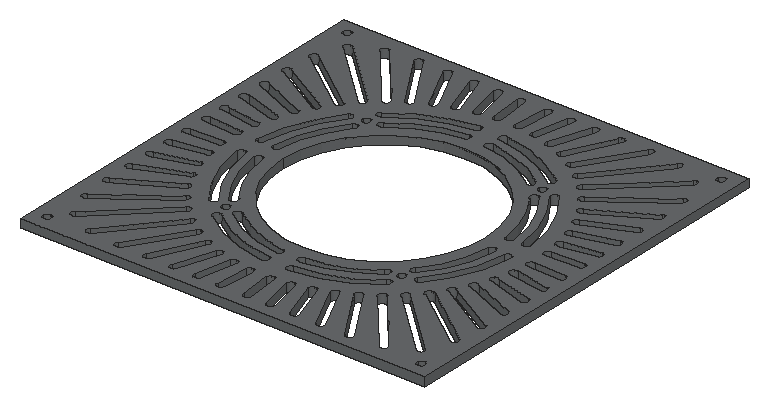
Revit family "Приствольная решётка (квадратная) Р-14", category Антураж, Revit 2017
Family settings
  На основе рабочей плоскости = Нет
  Всегда вертикально = Да
  При загрузке вырезать с полостями = Нет
  Источник визуального образа = Геометрия семейства
  Общий = Нет
  Точка расчета площади = Нет
Parameters (values of type "Приствольная решётка (квадратная) Р-14 1200x1200")
  Стоимость = 26930
  Изготовитель = "ООО \"Хоббика\""
  Высота = 0 mm
  URL = "https://hobbyka.ru/product/pristvolnaya_reshetka_kvadratnaya_r14/?sphrase_id=70610"
  ADSK_Размер_Ширина = 1200 mm
  ADSK_Размер_Длина = 1200 mm
  ADSK_Размер_Высота = 25 mm
  ADSK_Наименование = "Приствольная решётка (квадратная) Р-14"
  ADSK_Материал решетки = Чугун, серый
  ADSK_Код изделия = "10276"
  1200х1200 = yes
  1000х1000 = no
Types (3, lengths in mm): name | Стоимость | ADSK_Размер_Ширина | ADSK_Размер_Длина | 1000х1000
  (no name) | 26930 | 1200 | 1200 | no
  Приствольная решётка (квадратная) Р-14 1000x1000 | 19082 | 1000 | 1000 | yes
  Приствольная решётка (квадратная) Р-14 1200x1200 | 26930 | 1200 | 1200 | no
Reference planes
  plane 1 "По центру (Вперед/Назад)": y = 0
  plane 2: z = 0
  plane 3 "По центру (Влево/Вправо)": x = 0
Forms (mm)
  Extrusion 1, solid, material "Чугун, серый" <- "ADSK_Материал решетки", visible <- "1000х1000"
    sketch origin (0, 0, 0) x (1, 0, 0) y (0, 1, 0)
      loop
        line (500, -500) -> (500, 500) -> (-500, 500) -> (-500, -500) -> (500, -500)
      loop
        circle (0, 0) r 249.945
      loop
        line (22.994, 464.177) -> (15.601, 384.484)
        arc (15.601, 384.484) -> (24.666, 374.044) -> (35.496, 382.638) r 10
        line (35.496, 382.638) -> (42.889, 462.331)
        arc (42.889, 462.331) -> (33.864, 473.201) -> (22.994, 464.177) r 9.99
      loop
        line (79.665, 464.964) -> (61.347, 379.879)
        arc (61.347, 379.879) -> (69.011, 368.009) -> (80.88, 375.673) r 9.99
        line (80.88, 375.673) -> (99.199, 460.758)
        arc (99.199, 460.758) -> (91.535, 472.628) -> (79.665, 464.964) r 9.99
      loop
        line (139.437, 466.326) -> (106.217, 369.85)
        arc (106.217, 369.85) -> (112.411, 357.151) -> (125.11, 363.345) r 9.99
        line (125.11, 363.345) -> (158.329, 459.821)
        arc (158.329, 459.821) -> (152.135, 472.52) -> (139.437, 466.326) r 9.99
      loop
        line (204.089, 467.065) -> (149.571, 354.541)
        arc (149.571, 354.541) -> (154.206, 341.195) -> (167.553, 345.829) r 9.99
        line (167.553, 345.829) -> (222.07, 458.353)
        arc (222.07, 458.353) -> (217.435, 471.7) -> (204.089, 467.065) r 9.99
      loop
        line (276.707, 468.001) -> (190.79, 334.171)
        arc (190.79, 334.171) -> (193.8, 320.367) -> (207.604, 323.377) r 9.99
        line (207.604, 323.377) -> (293.521, 457.206)
        arc (293.521, 457.206) -> (290.511, 471.011) -> (276.707, 468.001) r 9.99
      loop
        line (354.747, 460.958) -> (229.285, 309.03)
        arc (229.285, 309.03) -> (230.627, 294.965) -> (244.692, 296.307) r 9.99
        line (244.692, 296.307) -> (370.154, 448.235)
        arc (370.154, 448.235) -> (368.812, 462.3) -> (354.747, 460.958) r 9.99
      loop
        line (420.228, 427.77) -> (264.506, 279.477)
        arc (264.506, 279.477) -> (264.331, 265.17) -> (278.639, 265.345) r 9.996
        line (278.639, 265.345) -> (434.361, 413.637)
        arc (434.361, 413.637) -> (434.536, 427.944) -> (420.228, 427.77) r 9.996
      loop
        line (449.019, 360.236) -> (295.952, 245.935)
        arc (295.952, 245.935) -> (293.924, 231.952) -> (307.907, 229.925) r 9.99
        line (307.907, 229.925) -> (460.974, 344.226)
        arc (460.974, 344.226) -> (463.001, 358.208) -> (449.019, 360.236) r 9.99
      loop
        line (456.704, 285.665) -> (323.172, 208.881)
        arc (323.172, 208.881) -> (319.491, 195.24) -> (333.132, 191.559) r 9.99
        line (333.132, 191.559) -> (466.664, 268.344)
        arc (466.664, 268.344) -> (470.345, 281.985) -> (456.704, 285.665) r 9.99
      loop
        line (458.07, 216.626) -> (345.778, 168.845)
        arc (345.778, 168.845) -> (340.497, 155.74) -> (353.601, 150.459) r 9.99
        line (353.601, 150.459) -> (465.893, 198.24)
        arc (465.893, 198.24) -> (471.175, 211.345) -> (458.07, 216.626) r 9.99
      loop
        line (459.511, 154.307) -> (363.448, 126.399)
        arc (363.448, 126.399) -> (356.642, 114.018) -> (369.023, 107.211) r 9.99
        line (369.023, 107.211) -> (465.086, 135.12)
        arc (465.086, 135.12) -> (471.892, 147.501) -> (459.511, 154.307) r 9.99
      loop
        line (460.821, 96.125) -> (375.929, 82.148)
        arc (375.929, 82.148) -> (367.695, 70.667) -> (379.176, 62.432) r 9.99
        line (379.176, 62.432) -> (464.067, 76.41)
        arc (464.067, 76.41) -> (472.302, 87.891) -> (460.821, 96.125) r 9.99
      loop
        line (463.002, 40.215) -> (383.044, 36.724)
        arc (383.044, 36.724) -> (374.028, 26.076) -> (384.437, 16.785) r 9.997
        line (384.437, 16.785) -> (464.182, 20.267)
        arc (464.182, 20.267) -> (472.577, 30.772) -> (463.002, 40.215) r 10.046
      loop
        arc (278.433, 27.402) -> (289.358, 18.422) -> (298.339, 29.347) r 10
        arc (298.339, 29.347) -> (276.988, 114.727) -> (231.714, 190.199) r 299.134
        arc (231.714, 190.199) -> (216.613, 190.602) -> (218.344, 175.595) r 10
        arc (218.344, 175.595) -> (259.126, 105.853) -> (278.433, 27.402) r 281.667
      loop
        arc (338.311, 31.582) -> (314.266, 129.263) -> (262.621, 215.591) r 339.096
        arc (262.621, 215.591) -> (249.394, 217.87) -> (245.209, 205.116) r 10.27
        arc (245.209, 205.116) -> (294.968, 122.866) -> (318.405, 29.637) r 324.018
        arc (318.405, 29.637) -> (329.331, 20.657) -> (338.311, 31.582) r 10
      loop
        arc (175.657, 218.258) -> (191.658, 217.729) -> (187.659, 233.232) r 10
        arc (187.659, 233.232) -> (113.305, 277.447) -> (29.358, 298.338) r 296.729
        arc (29.358, 298.338) -> (18.431, 289.36) -> (27.408, 278.433) r 10
        arc (27.408, 278.433) -> (105.818, 258.902) -> (175.657, 218.258) r 286.557
      loop
        arc (216.89, 261.554) -> (130.817, 313.622) -> (33.256, 338.147) r 339.096
        arc (33.256, 338.147) -> (22.326, 330.543) -> (28.088, 318.54) r 10.27
        arc (28.088, 318.54) -> (121.645, 295.773) -> (204.151, 246.135) r 319.096
        arc (204.151, 246.135) -> (218.249, 247.459) -> (216.89, 261.554) r 10
      loop
        circle (217.533, 217.266) r 10
      loop
        circle (462.577, 463.724) r 10
      loop
        arc (-22.994, 464.177) -> (-33.864, 473.201) -> (-42.889, 462.331) r 9.99
        line (-42.889, 462.331) -> (-35.496, 382.638)
        arc (-35.496, 382.638) -> (-24.666, 374.044) -> (-15.601, 384.484) r 10
        line (-15.601, 384.484) -> (-22.994, 464.177)
      loop
        arc (-79.665, 464.964) -> (-91.535, 472.628) -> (-99.199, 460.758) r 9.99
        line (-99.199, 460.758) -> (-80.88, 375.673)
        arc (-80.88, 375.673) -> (-69.011, 368.009) -> (-61.347, 379.879) r 9.99
        line (-61.347, 379.879) -> (-79.665, 464.964)
      loop
        arc (-139.437, 466.326) -> (-152.135, 472.52) -> (-158.329, 459.821) r 9.99
        line (-158.329, 459.821) -> (-125.11, 363.345)
        arc (-125.11, 363.345) -> (-112.411, 357.151) -> (-106.217, 369.85) r 9.99
        line (-106.217, 369.85) -> (-139.437, 466.326)
      loop
        arc (-204.089, 467.065) -> (-217.435, 471.7) -> (-222.07, 458.353) r 9.99
        line (-222.07, 458.353) -> (-167.553, 345.829)
        arc (-167.553, 345.829) -> (-154.206, 341.195) -> (-149.571, 354.541) r 9.99
        line (-149.571, 354.541) -> (-204.089, 467.065)
      loop
        arc (-276.707, 468.001) -> (-290.511, 471.011) -> (-293.521, 457.206) r 9.99
        line (-293.521, 457.206) -> (-207.604, 323.377)
        arc (-207.604, 323.377) -> (-193.8, 320.367) -> (-190.79, 334.171) r 9.99
        line (-190.79, 334.171) -> (-276.707, 468.001)
      loop
        arc (-354.747, 460.958) -> (-368.812, 462.3) -> (-370.154, 448.235) r 9.99
        line (-370.154, 448.235) -> (-244.692, 296.307)
        arc (-244.692, 296.307) -> (-230.627, 294.965) -> (-229.285, 309.03) r 9.99
        line (-229.285, 309.03) -> (-354.747, 460.958)
      loop
        arc (-420.228, 427.77) -> (-434.536, 427.944) -> (-434.361, 413.637) r 9.996
        line (-434.361, 413.637) -> (-278.639, 265.345)
        arc (-278.639, 265.345) -> (-264.331, 265.17) -> (-264.506, 279.477) r 9.996
        line (-264.506, 279.477) -> (-420.228, 427.77)
      loop
        arc (-449.019, 360.236) -> (-463.001, 358.208) -> (-460.974, 344.226) r 9.99
        line (-460.974, 344.226) -> (-307.907, 229.925)
        arc (-307.907, 229.925) -> (-293.924, 231.952) -> (-295.952, 245.935) r 9.99
        line (-295.952, 245.935) -> (-449.019, 360.236)
      loop
        arc (-456.704, 285.665) -> (-470.345, 281.985) -> (-466.664, 268.344) r 9.99
        line (-466.664, 268.344) -> (-333.132, 191.559)
        arc (-333.132, 191.559) -> (-319.491, 195.24) -> (-323.172, 208.881) r 9.99
        line (-323.172, 208.881) -> (-456.704, 285.665)
      loop
        arc (-458.07, 216.626) -> (-471.175, 211.345) -> (-465.893, 198.24) r 9.99
        line (-465.893, 198.24) -> (-353.601, 150.459)
        arc (-353.601, 150.459) -> (-340.497, 155.74) -> (-345.778, 168.845) r 9.99
        line (-345.778, 168.845) -> (-458.07, 216.626)
      loop
        arc (-459.511, 154.307) -> (-471.892, 147.501) -> (-465.086, 135.12) r 9.99
        line (-465.086, 135.12) -> (-369.023, 107.211)
        arc (-369.023, 107.211) -> (-356.642, 114.018) -> (-363.448, 126.399) r 9.99
        line (-363.448, 126.399) -> (-459.511, 154.307)
      loop
        arc (-460.821, 96.125) -> (-472.302, 87.891) -> (-464.067, 76.41) r 9.99
        line (-464.067, 76.41) -> (-379.176, 62.432)
        arc (-379.176, 62.432) -> (-367.695, 70.667) -> (-375.929, 82.148) r 9.99
        line (-375.929, 82.148) -> (-460.821, 96.125)
      loop
        arc (-463.002, 40.215) -> (-472.577, 30.772) -> (-464.182, 20.267) r 10.046
        line (-464.182, 20.267) -> (-384.437, 16.785)
        arc (-384.437, 16.785) -> (-374.028, 26.076) -> (-383.044, 36.724) r 9.997
        line (-383.044, 36.724) -> (-463.002, 40.215)
      loop
        arc (-278.433, 27.402) -> (-259.126, 105.853) -> (-218.344, 175.595) r 281.667
        arc (-218.344, 175.595) -> (-216.613, 190.602) -> (-231.714, 190.199) r 10
        arc (-231.714, 190.199) -> (-276.988, 114.727) -> (-298.339, 29.347) r 299.134
        arc (-298.339, 29.347) -> (-289.358, 18.422) -> (-278.433, 27.402) r 10
      loop
        arc (-338.311, 31.582) -> (-329.331, 20.657) -> (-318.405, 29.637) r 10
        arc (-318.405, 29.637) -> (-294.968, 122.866) -> (-245.209, 205.116) r 324.018
        arc (-245.209, 205.116) -> (-249.394, 217.87) -> (-262.621, 215.591) r 10.27
        arc (-262.621, 215.591) -> (-314.266, 129.263) -> (-338.311, 31.582) r 339.096
      loop
        arc (-175.657, 218.258) -> (-105.818, 258.902) -> (-27.408, 278.433) r 286.557
        arc (-27.408, 278.433) -> (-18.431, 289.36) -> (-29.358, 298.338) r 10
        arc (-29.358, 298.338) -> (-113.305, 277.447) -> (-187.659, 233.232) r 296.729
        arc (-187.659, 233.232) -> (-191.658, 217.729) -> (-175.657, 218.258) r 10
      loop
        arc (-216.89, 261.554) -> (-218.249, 247.459) -> (-204.151, 246.135) r 10
        arc (-204.151, 246.135) -> (-121.645, 295.773) -> (-28.088, 318.54) r 319.096
        arc (-28.088, 318.54) -> (-22.326, 330.543) -> (-33.256, 338.147) r 10.27
        arc (-33.256, 338.147) -> (-130.817, 313.622) -> (-216.89, 261.554) r 339.096
      loop
        circle (-217.533, 217.266) r 10
      loop
        circle (-462.577, 463.724) r 10
      loop
        arc (22.994, -464.177) -> (33.864, -473.201) -> (42.889, -462.331) r 9.99
        line (42.889, -462.331) -> (35.496, -382.638)
        arc (35.496, -382.638) -> (24.666, -374.044) -> (15.601, -384.484) r 10
        line (15.601, -384.484) -> (22.994, -464.177)
      loop
        arc (79.665, -464.964) -> (91.535, -472.628) -> (99.199, -460.758) r 9.99
        line (99.199, -460.758) -> (80.88, -375.673)
        arc (80.88, -375.673) -> (69.011, -368.009) -> (61.347, -379.879) r 9.99
        line (61.347, -379.879) -> (79.665, -464.964)
      loop
        arc (139.437, -466.326) -> (152.135, -472.52) -> (158.329, -459.821) r 9.99
        line (158.329, -459.821) -> (125.11, -363.345)
        arc (125.11, -363.345) -> (112.411, -357.151) -> (106.217, -369.85) r 9.99
        line (106.217, -369.85) -> (139.437, -466.326)
      loop
        arc (204.089, -467.065) -> (217.435, -471.7) -> (222.07, -458.353) r 9.99
        line (222.07, -458.353) -> (167.553, -345.829)
        arc (167.553, -345.829) -> (154.206, -341.195) -> (149.571, -354.541) r 9.99
        line (149.571, -354.541) -> (204.089, -467.065)
      loop
        arc (276.707, -468.001) -> (290.511, -471.011) -> (293.521, -457.206) r 9.99
        line (293.521, -457.206) -> (207.604, -323.377)
        arc (207.604, -323.377) -> (193.8, -320.367) -> (190.79, -334.171) r 9.99
        line (190.79, -334.171) -> (276.707, -468.001)
      loop
        arc (354.747, -460.958) -> (368.812, -462.3) -> (370.154, -448.235) r 9.99
        line (370.154, -448.235) -> (244.692, -296.307)
        arc (244.692, -296.307) -> (230.627, -294.965) -> (229.285, -309.03) r 9.99
        line (229.285, -309.03) -> (354.747, -460.958)
      loop
        arc (420.228, -427.77) -> (434.536, -427.944) -> (434.361, -413.637) r 9.996
        line (434.361, -413.637) -> (278.639, -265.345)
        arc (278.639, -265.345) -> (264.331, -265.17) -> (264.506, -279.477) r 9.996
        line (264.506, -279.477) -> (420.228, -427.77)
      loop
        arc (449.019, -360.236) -> (463.001, -358.208) -> (460.974, -344.226) r 9.99
        line (460.974, -344.226) -> (307.907, -229.925)
        arc (307.907, -229.925) -> (293.924, -231.952) -> (295.952, -245.935) r 9.99
        line (295.952, -245.935) -> (449.019, -360.236)
      loop
        arc (456.704, -285.665) -> (470.345, -281.985) -> (466.664, -268.344) r 9.99
        line (466.664, -268.344) -> (333.132, -191.559)
        arc (333.132, -191.559) -> (319.491, -195.24) -> (323.172, -208.881) r 9.99
        line (323.172, -208.881) -> (456.704, -285.665)
      loop
        arc (458.07, -216.626) -> (471.175, -211.345) -> (465.893, -198.24) r 9.99
        line (465.893, -198.24) -> (353.601, -150.459)
        arc (353.601, -150.459) -> (340.497, -155.74) -> (345.778, -168.845) r 9.99
        line (345.778, -168.845) -> (458.07, -216.626)
      loop
        arc (459.511, -154.307) -> (471.892, -147.501) -> (465.086, -135.12) r 9.99
        line (465.086, -135.12) -> (369.023, -107.211)
        arc (369.023, -107.211) -> (356.642, -114.018) -> (363.448, -126.399) r 9.99
        line (363.448, -126.399) -> (459.511, -154.307)
      loop
        arc (460.821, -96.125) -> (472.302, -87.891) -> (464.067, -76.41) r 9.99
        line (464.067, -76.41) -> (379.176, -62.432)
        arc (379.176, -62.432) -> (367.695, -70.667) -> (375.929, -82.148) r 9.99
        line (375.929, -82.148) -> (460.821, -96.125)
      loop
        arc (463.002, -40.215) -> (472.577, -30.772) -> (464.182, -20.267) r 10.046
        line (464.182, -20.267) -> (384.437, -16.785)
        arc (384.437, -16.785) -> (374.028, -26.076) -> (383.044, -36.724) r 9.997
        line (383.044, -36.724) -> (463.002, -40.215)
      loop
        arc (278.433, -27.402) -> (259.126, -105.853) -> (218.344, -175.595) r 281.667
        arc (218.344, -175.595) -> (216.613, -190.602) -> (231.714, -190.199) r 10
        arc (231.714, -190.199) -> (276.988, -114.727) -> (298.339, -29.347) r 299.134
        arc (298.339, -29.347) -> (289.358, -18.422) -> (278.433, -27.402) r 10
      loop
        arc (338.311, -31.582) -> (329.331, -20.657) -> (318.405, -29.637) r 10
        arc (318.405, -29.637) -> (294.968, -122.866) -> (245.209, -205.116) r 324.018
        arc (245.209, -205.116) -> (249.394, -217.87) -> (262.621, -215.591) r 10.27
        arc (262.621, -215.591) -> (314.266, -129.263) -> (338.311, -31.582) r 339.096
      loop
        arc (175.657, -218.258) -> (105.818, -258.902) -> (27.408, -278.433) r 286.557
        arc (27.408, -278.433) -> (18.431, -289.36) -> (29.358, -298.338) r 10
        arc (29.358, -298.338) -> (113.305, -277.447) -> (187.659, -233.232) r 296.729
        arc (187.659, -233.232) -> (191.658, -217.729) -> (175.657, -218.258) r 10
      loop
        arc (216.89, -261.554) -> (218.249, -247.459) -> (204.151, -246.135) r 10
        arc (204.151, -246.135) -> (121.645, -295.773) -> (28.088, -318.54) r 319.096
        arc (28.088, -318.54) -> (22.326, -330.543) -> (33.256, -338.147) r 10.27
        arc (33.256, -338.147) -> (130.817, -313.622) -> (216.89, -261.554) r 339.096
      loop
        circle (217.533, -217.266) r 10
      loop
        circle (462.577, -463.724) r 10
      loop
        line (-22.994, -464.177) -> (-15.601, -384.484)
        arc (-15.601, -384.484) -> (-24.666, -374.044) -> (-35.496, -382.638) r 10
        line (-35.496, -382.638) -> (-42.889, -462.331)
        arc (-42.889, -462.331) -> (-33.864, -473.201) -> (-22.994, -464.177) r 9.99
      loop
        line (-79.665, -464.964) -> (-61.347, -379.879)
        arc (-61.347, -379.879) -> (-69.011, -368.009) -> (-80.88, -375.673) r 9.99
        line (-80.88, -375.673) -> (-99.199, -460.758)
        arc (-99.199, -460.758) -> (-91.535, -472.628) -> (-79.665, -464.964) r 9.99
      loop
        line (-139.437, -466.326) -> (-106.217, -369.85)
        arc (-106.217, -369.85) -> (-112.411, -357.151) -> (-125.11, -363.345) r 9.99
        line (-125.11, -363.345) -> (-158.329, -459.821)
        arc (-158.329, -459.821) -> (-152.135, -472.52) -> (-139.437, -466.326) r 9.99
      loop
        line (-204.089, -467.065) -> (-149.571, -354.541)
        arc (-149.571, -354.541) -> (-154.206, -341.195) -> (-167.553, -345.829) r 9.99
        line (-167.553, -345.829) -> (-222.07, -458.353)
        arc (-222.07, -458.353) -> (-217.435, -471.7) -> (-204.089, -467.065) r 9.99
      loop
        line (-276.707, -468.001) -> (-190.79, -334.171)
        arc (-190.79, -334.171) -> (-193.8, -320.367) -> (-207.604, -323.377) r 9.99
        line (-207.604, -323.377) -> (-293.521, -457.206)
        arc (-293.521, -457.206) -> (-290.511, -471.011) -> (-276.707, -468.001) r 9.99
      loop
        line (-354.747, -460.958) -> (-229.285, -309.03)
        arc (-229.285, -309.03) -> (-230.627, -294.965) -> (-244.692, -296.307) r 9.99
        line (-244.692, -296.307) -> (-370.154, -448.235)
        arc (-370.154, -448.235) -> (-368.812, -462.3) -> (-354.747, -460.958) r 9.99
      loop
        line (-420.228, -427.77) -> (-264.506, -279.477)
        arc (-264.506, -279.477) -> (-264.331, -265.17) -> (-278.639, -265.345) r 9.996
        line (-278.639, -265.345) -> (-434.361, -413.637)
        arc (-434.361, -413.637) -> (-434.536, -427.944) -> (-420.228, -427.77) r 9.996
      loop
        line (-449.019, -360.236) -> (-295.952, -245.935)
        arc (-295.952, -245.935) -> (-293.924, -231.952) -> (-307.907, -229.925) r 9.99
        line (-307.907, -229.925) -> (-460.974, -344.226)
        arc (-460.974, -344.226) -> (-463.001, -358.208) -> (-449.019, -360.236) r 9.99
      loop
        line (-456.704, -285.665) -> (-323.172, -208.881)
        arc (-323.172, -208.881) -> (-319.491, -195.24) -> (-333.132, -191.559) r 9.99
        line (-333.132, -191.559) -> (-466.664, -268.344)
        arc (-466.664, -268.344) -> (-470.345, -281.985) -> (-456.704, -285.665) r 9.99
      loop
        line (-458.07, -216.626) -> (-345.778, -168.845)
        arc (-345.778, -168.845) -> (-340.497, -155.74) -> (-353.601, -150.459) r 9.99
        line (-353.601, -150.459) -> (-465.893, -198.24)
        arc (-465.893, -198.24) -> (-471.175, -211.345) -> (-458.07, -216.626) r 9.99
      loop
        line (-459.511, -154.307) -> (-363.448, -126.399)
        arc (-363.448, -126.399) -> (-356.642, -114.018) -> (-369.023, -107.211) r 9.99
        line (-369.023, -107.211) -> (-465.086, -135.12)
        arc (-465.086, -135.12) -> (-471.892, -147.501) -> (-459.511, -154.307) r 9.99
      loop
        line (-460.821, -96.125) -> (-375.929, -82.148)
        arc (-375.929, -82.148) -> (-367.695, -70.667) -> (-379.176, -62.432) r 9.99
        line (-379.176, -62.432) -> (-464.067, -76.41)
        arc (-464.067, -76.41) -> (-472.302, -87.891) -> (-460.821, -96.125) r 9.99
      loop
        line (-463.002, -40.215) -> (-383.044, -36.724)
        arc (-383.044, -36.724) -> (-374.028, -26.076) -> (-384.437, -16.785) r 9.997
        line (-384.437, -16.785) -> (-464.182, -20.267)
        arc (-464.182, -20.267) -> (-472.577, -30.772) -> (-463.002, -40.215) r 10.046
      loop
        arc (-278.433, -27.402) -> (-289.358, -18.422) -> (-298.339, -29.347) r 10
        arc (-298.339, -29.347) -> (-276.988, -114.727) -> (-231.714, -190.199) r 299.134
        arc (-231.714, -190.199) -> (-216.613, -190.602) -> (-218.344, -175.595) r 10
        arc (-218.344, -175.595) -> (-259.126, -105.853) -> (-278.433, -27.402) r 281.667
      loop
        arc (-338.311, -31.582) -> (-314.266, -129.263) -> (-262.621, -215.591) r 339.096
        arc (-262.621, -215.591) -> (-249.394, -217.87) -> (-245.209, -205.116) r 10.27
        arc (-245.209, -205.116) -> (-294.968, -122.866) -> (-318.405, -29.637) r 324.018
        arc (-318.405, -29.637) -> (-329.331, -20.657) -> (-338.311, -31.582) r 10
      loop
        arc (-175.657, -218.258) -> (-191.658, -217.729) -> (-187.659, -233.232) r 10
        arc (-187.659, -233.232) -> (-113.305, -277.447) -> (-29.358, -298.338) r 296.729
        arc (-29.358, -298.338) -> (-18.431, -289.36) -> (-27.408, -278.433) r 10
        arc (-27.408, -278.433) -> (-105.818, -258.902) -> (-175.657, -218.258) r 286.557
      loop
        arc (-216.89, -261.554) -> (-130.817, -313.622) -> (-33.256, -338.147) r 339.096
        arc (-33.256, -338.147) -> (-22.326, -330.543) -> (-28.088, -318.54) r 10.27
        arc (-28.088, -318.54) -> (-121.645, -295.773) -> (-204.151, -246.135) r 319.096
        arc (-204.151, -246.135) -> (-218.249, -247.459) -> (-216.89, -261.554) r 10
      loop
        circle (-217.533, -217.266) r 10
      loop
        circle (-462.577, -463.724) r 10
    from 0 to 25
  Extrusion 2, solid, material "Чугун, серый" <- "ADSK_Материал решетки", visible <- "1200х1200"
    sketch origin (-100, -100, 0) x (1, 0, 0) y (0, 1, 0)
      loop
        line (700, -500) -> (700, 700) -> (-500, 700) -> (-500, -500) -> (700, -500)
      loop
        circle (100, 100) r 299.934
      loop
        line (127.592, 657.012) -> (118.721, 561.381)
        arc (118.721, 561.381) -> (129.599, 548.853) -> (142.596, 559.166) r 12
        line (142.596, 559.166) -> (151.467, 654.797)
        arc (151.467, 654.797) -> (140.637, 667.842) -> (127.592, 657.012) r 11.989
      loop
        line (195.598, 657.957) -> (173.616, 555.854)
        arc (173.616, 555.854) -> (182.813, 541.611) -> (197.056, 550.808) r 11.989
        line (197.056, 550.808) -> (219.038, 652.91)
        arc (219.038, 652.91) -> (209.842, 667.153) -> (195.598, 657.957) r 11.989
      loop
        line (267.324, 659.591) -> (227.461, 543.82)
        arc (227.461, 543.82) -> (234.893, 528.582) -> (250.132, 536.014) r 11.989
        line (250.132, 536.014) -> (289.995, 651.785)
        arc (289.995, 651.785) -> (282.562, 667.023) -> (267.324, 659.591) r 11.989
      loop
        line (344.906, 660.478) -> (279.486, 525.45)
        arc (279.486, 525.45) -> (285.047, 509.434) -> (301.064, 514.995) r 11.989
        line (301.064, 514.995) -> (366.484, 650.024)
        arc (366.484, 650.024) -> (360.922, 666.04) -> (344.906, 660.478) r 11.989
      loop
        line (432.048, 661.601) -> (328.948, 501.005)
        arc (328.948, 501.005) -> (332.56, 484.44) -> (349.125, 488.052) r 11.989
        line (349.125, 488.052) -> (452.225, 648.647)
        arc (452.225, 648.647) -> (448.614, 665.213) -> (432.048, 661.601) r 11.989
      loop
        line (525.696, 653.149) -> (375.142, 470.836)
        arc (375.142, 470.836) -> (376.752, 453.959) -> (393.63, 455.569) r 11.989
        line (393.63, 455.569) -> (544.184, 637.882)
        arc (544.184, 637.882) -> (542.574, 654.76) -> (525.696, 653.149) r 11.989
      loop
        line (604.274, 613.324) -> (417.408, 435.373)
        arc (417.408, 435.373) -> (417.198, 418.204) -> (434.367, 418.413) r 11.996
        line (434.367, 418.413) -> (621.234, 596.364)
        arc (621.234, 596.364) -> (621.443, 613.533) -> (604.274, 613.324) r 11.996
      loop
        line (638.823, 532.283) -> (455.142, 395.122)
        arc (455.142, 395.122) -> (452.709, 378.343) -> (469.488, 375.91) r 11.989
        line (469.488, 375.91) -> (653.169, 513.071)
        arc (653.169, 513.071) -> (655.602, 529.85) -> (638.823, 532.283) r 11.989
      loop
        line (648.045, 442.798) -> (487.806, 350.657)
        arc (487.806, 350.657) -> (483.389, 334.288) -> (499.758, 329.871) r 11.989
        line (499.758, 329.871) -> (659.997, 422.013)
        arc (659.997, 422.013) -> (664.414, 438.382) -> (648.045, 442.798) r 11.989
      loop
        line (649.684, 359.951) -> (514.934, 302.614)
        arc (514.934, 302.614) -> (508.596, 286.889) -> (524.322, 280.551) r 11.989
        line (524.322, 280.551) -> (659.072, 337.888)
        arc (659.072, 337.888) -> (665.41, 353.613) -> (649.684, 359.951) r 11.989
      loop
        line (651.413, 285.169) -> (536.138, 251.678)
        arc (536.138, 251.678) -> (527.97, 236.821) -> (542.827, 228.653) r 11.989
        line (542.827, 228.653) -> (658.103, 262.144)
        arc (658.103, 262.144) -> (666.27, 277.001) -> (651.413, 285.169) r 11.989
      loop
        line (652.986, 215.35) -> (551.115, 198.577)
        arc (551.115, 198.577) -> (541.234, 184.8) -> (555.011, 174.919) r 11.989
        line (555.011, 174.919) -> (656.881, 191.692)
        arc (656.881, 191.692) -> (666.763, 205.469) -> (652.986, 215.35) r 11.989
      loop
        line (655.603, 148.258) -> (559.653, 144.069)
        arc (559.653, 144.069) -> (548.834, 131.291) -> (561.325, 120.142) r 11.997
        line (561.325, 120.142) -> (657.019, 124.32)
        arc (657.019, 124.32) -> (667.092, 136.927) -> (655.603, 148.258) r 12.056
      loop
        arc (434.12, 132.883) -> (447.23, 122.107) -> (458.006, 135.217) r 12
        arc (458.006, 135.217) -> (432.385, 237.673) -> (378.057, 328.239) r 358.961
        arc (378.057, 328.239) -> (359.936, 328.722) -> (362.013, 310.714) r 12
        arc (362.013, 310.714) -> (410.951, 227.023) -> (434.12, 132.883) r 338.001
      loop
        arc (505.973, 137.898) -> (477.119, 255.115) -> (415.146, 358.709) r 406.916
        arc (415.146, 358.709) -> (399.272, 361.444) -> (394.251, 346.139) r 12.324
        arc (394.251, 346.139) -> (453.962, 247.439) -> (482.087, 135.564) r 388.822
        arc (482.087, 135.564) -> (495.197, 124.788) -> (505.973, 137.898) r 12
      loop
        arc (310.788, 361.91) -> (329.99, 361.275) -> (325.191, 379.878) r 12
        arc (325.191, 379.878) -> (235.966, 432.936) -> (135.229, 458.005) r 356.075
        arc (135.229, 458.005) -> (122.117, 447.232) -> (132.89, 434.119) r 12
        arc (132.89, 434.119) -> (226.981, 410.682) -> (310.788, 361.91) r 343.868
      loop
        arc (360.268, 413.864) -> (256.98, 476.346) -> (139.907, 505.777) r 406.916
        arc (139.907, 505.777) -> (126.792, 496.652) -> (133.705, 482.248) r 12.324
        arc (133.705, 482.248) -> (245.974, 454.928) -> (344.981, 395.363) r 382.916
        arc (344.981, 395.363) -> (361.899, 396.951) -> (360.268, 413.864) r 12
      loop
        circle (361.04, 360.719) r 12
      loop
        circle (655.092, 656.469) r 12
      loop
        arc (72.408, 657.012) -> (59.363, 667.842) -> (48.533, 654.797) r 11.989
        line (48.533, 654.797) -> (57.404, 559.166)
        arc (57.404, 559.166) -> (70.401, 548.853) -> (81.279, 561.381) r 12
        line (81.279, 561.381) -> (72.408, 657.012)
      loop
        arc (4.402, 657.957) -> (-9.842, 667.153) -> (-19.038, 652.91) r 11.989
        line (-19.038, 652.91) -> (2.944, 550.808)
        arc (2.944, 550.808) -> (17.187, 541.611) -> (26.384, 555.854) r 11.989
        line (26.384, 555.854) -> (4.402, 657.957)
      loop
        arc (-67.324, 659.591) -> (-82.562, 667.023) -> (-89.995, 651.785) r 11.989
        line (-89.995, 651.785) -> (-50.132, 536.014)
        arc (-50.132, 536.014) -> (-34.893, 528.582) -> (-27.461, 543.82) r 11.989
        line (-27.461, 543.82) -> (-67.324, 659.591)
      loop
        arc (-144.906, 660.478) -> (-160.922, 666.04) -> (-166.484, 650.024) r 11.989
        line (-166.484, 650.024) -> (-101.064, 514.995)
        arc (-101.064, 514.995) -> (-85.047, 509.434) -> (-79.486, 525.45) r 11.989
        line (-79.486, 525.45) -> (-144.906, 660.478)
      loop
        arc (-232.048, 661.601) -> (-248.614, 665.213) -> (-252.225, 648.647) r 11.989
        line (-252.225, 648.647) -> (-149.125, 488.052)
        arc (-149.125, 488.052) -> (-132.56, 484.44) -> (-128.948, 501.005) r 11.989
        line (-128.948, 501.005) -> (-232.048, 661.601)
      loop
        arc (-325.696, 653.149) -> (-342.574, 654.76) -> (-344.184, 637.882) r 11.989
        line (-344.184, 637.882) -> (-193.63, 455.569)
        arc (-193.63, 455.569) -> (-176.752, 453.959) -> (-175.142, 470.836) r 11.989
        line (-175.142, 470.836) -> (-325.696, 653.149)
      loop
        arc (-404.274, 613.324) -> (-421.443, 613.533) -> (-421.234, 596.364) r 11.996
        line (-421.234, 596.364) -> (-234.367, 418.413)
        arc (-234.367, 418.413) -> (-217.198, 418.204) -> (-217.408, 435.373) r 11.996
        line (-217.408, 435.373) -> (-404.274, 613.324)
      loop
        arc (-438.823, 532.283) -> (-455.602, 529.85) -> (-453.169, 513.071) r 11.989
        line (-453.169, 513.071) -> (-269.488, 375.91)
        arc (-269.488, 375.91) -> (-252.709, 378.343) -> (-255.142, 395.122) r 11.989
        line (-255.142, 395.122) -> (-438.823, 532.283)
      loop
        arc (-448.045, 442.798) -> (-464.414, 438.382) -> (-459.997, 422.013) r 11.989
        line (-459.997, 422.013) -> (-299.758, 329.871)
        arc (-299.758, 329.871) -> (-283.389, 334.288) -> (-287.806, 350.657) r 11.989
        line (-287.806, 350.657) -> (-448.045, 442.798)
      loop
        arc (-449.684, 359.951) -> (-465.41, 353.613) -> (-459.072, 337.888) r 11.989
        line (-459.072, 337.888) -> (-324.322, 280.551)
        arc (-324.322, 280.551) -> (-308.596, 286.889) -> (-314.934, 302.614) r 11.989
        line (-314.934, 302.614) -> (-449.684, 359.951)
      loop
        arc (-451.413, 285.169) -> (-466.27, 277.001) -> (-458.103, 262.144) r 11.989
        line (-458.103, 262.144) -> (-342.827, 228.653)
        arc (-342.827, 228.653) -> (-327.97, 236.821) -> (-336.138, 251.678) r 11.989
        line (-336.138, 251.678) -> (-451.413, 285.169)
      loop
        arc (-452.986, 215.35) -> (-466.763, 205.469) -> (-456.881, 191.692) r 11.989
        line (-456.881, 191.692) -> (-355.011, 174.919)
        arc (-355.011, 174.919) -> (-341.234, 184.8) -> (-351.115, 198.577) r 11.989
        line (-351.115, 198.577) -> (-452.986, 215.35)
      loop
        arc (-455.603, 148.258) -> (-467.092, 136.927) -> (-457.019, 124.32) r 12.056
        line (-457.019, 124.32) -> (-361.325, 120.142)
        arc (-361.325, 120.142) -> (-348.834, 131.291) -> (-359.653, 144.069) r 11.997
        line (-359.653, 144.069) -> (-455.603, 148.258)
      loop
        arc (-234.12, 132.883) -> (-210.951, 227.023) -> (-162.013, 310.714) r 338.001
        arc (-162.013, 310.714) -> (-159.936, 328.722) -> (-178.057, 328.239) r 12
        arc (-178.057, 328.239) -> (-232.385, 237.673) -> (-258.006, 135.217) r 358.961
        arc (-258.006, 135.217) -> (-247.23, 122.107) -> (-234.12, 132.883) r 12
      loop
        arc (-305.973, 137.898) -> (-295.197, 124.788) -> (-282.087, 135.564) r 12
        arc (-282.087, 135.564) -> (-253.962, 247.439) -> (-194.251, 346.139) r 388.822
        arc (-194.251, 346.139) -> (-199.272, 361.444) -> (-215.146, 358.709) r 12.324
        arc (-215.146, 358.709) -> (-277.119, 255.115) -> (-305.973, 137.898) r 406.916
      loop
        arc (-110.788, 361.91) -> (-26.981, 410.682) -> (67.11, 434.119) r 343.868
        arc (67.11, 434.119) -> (77.883, 447.232) -> (64.771, 458.005) r 12
        arc (64.771, 458.005) -> (-35.966, 432.936) -> (-125.191, 379.878) r 356.075
        arc (-125.191, 379.878) -> (-129.99, 361.275) -> (-110.788, 361.91) r 12
      loop
        arc (-160.268, 413.864) -> (-161.899, 396.951) -> (-144.981, 395.363) r 12
        arc (-144.981, 395.363) -> (-45.974, 454.928) -> (66.295, 482.248) r 382.916
        arc (66.295, 482.248) -> (73.208, 496.652) -> (60.093, 505.777) r 12.324
        arc (60.093, 505.777) -> (-56.98, 476.346) -> (-160.268, 413.864) r 406.916
      loop
        circle (-161.04, 360.719) r 12
      loop
        circle (-455.092, 656.469) r 12
      loop
        arc (127.592, -457.012) -> (140.637, -467.842) -> (151.467, -454.797) r 11.989
        line (151.467, -454.797) -> (142.596, -359.166)
        arc (142.596, -359.166) -> (129.599, -348.853) -> (118.721, -361.381) r 12
        line (118.721, -361.381) -> (127.592, -457.012)
      loop
        arc (195.598, -457.957) -> (209.842, -467.153) -> (219.038, -452.91) r 11.989
        line (219.038, -452.91) -> (197.056, -350.808)
        arc (197.056, -350.808) -> (182.813, -341.611) -> (173.616, -355.854) r 11.989
        line (173.616, -355.854) -> (195.598, -457.957)
      loop
        arc (267.324, -459.591) -> (282.562, -467.023) -> (289.995, -451.785) r 11.989
        line (289.995, -451.785) -> (250.132, -336.014)
        arc (250.132, -336.014) -> (234.893, -328.582) -> (227.461, -343.82) r 11.989
        line (227.461, -343.82) -> (267.324, -459.591)
      loop
        arc (344.906, -460.478) -> (360.922, -466.04) -> (366.484, -450.024) r 11.989
        line (366.484, -450.024) -> (301.064, -314.995)
        arc (301.064, -314.995) -> (285.047, -309.434) -> (279.486, -325.45) r 11.989
        line (279.486, -325.45) -> (344.906, -460.478)
      loop
        arc (432.048, -461.601) -> (448.614, -465.213) -> (452.225, -448.647) r 11.989
        line (452.225, -448.647) -> (349.125, -288.052)
        arc (349.125, -288.052) -> (332.56, -284.44) -> (328.948, -301.005) r 11.989
        line (328.948, -301.005) -> (432.048, -461.601)
      loop
        arc (525.696, -453.149) -> (542.574, -454.76) -> (544.184, -437.882) r 11.989
        line (544.184, -437.882) -> (393.63, -255.569)
        arc (393.63, -255.569) -> (376.752, -253.959) -> (375.142, -270.836) r 11.989
        line (375.142, -270.836) -> (525.696, -453.149)
      loop
        arc (604.274, -413.324) -> (621.443, -413.533) -> (621.234, -396.364) r 11.996
        line (621.234, -396.364) -> (434.367, -218.413)
        arc (434.367, -218.413) -> (417.198, -218.204) -> (417.408, -235.373) r 11.996
        line (417.408, -235.373) -> (604.274, -413.324)
      loop
        arc (638.823, -332.283) -> (655.602, -329.85) -> (653.169, -313.071) r 11.989
        line (653.169, -313.071) -> (469.488, -175.91)
        arc (469.488, -175.91) -> (452.709, -178.343) -> (455.142, -195.122) r 11.989
        line (455.142, -195.122) -> (638.823, -332.283)
      loop
        arc (648.045, -242.798) -> (664.414, -238.382) -> (659.997, -222.013) r 11.989
        line (659.997, -222.013) -> (499.758, -129.871)
        arc (499.758, -129.871) -> (483.389, -134.288) -> (487.806, -150.657) r 11.989
        line (487.806, -150.657) -> (648.045, -242.798)
      loop
        arc (649.684, -159.951) -> (665.41, -153.613) -> (659.072, -137.888) r 11.989
        line (659.072, -137.888) -> (524.322, -80.551)
        arc (524.322, -80.551) -> (508.596, -86.889) -> (514.934, -102.614) r 11.989
        line (514.934, -102.614) -> (649.684, -159.951)
      loop
        arc (651.413, -85.169) -> (666.27, -77.001) -> (658.103, -62.144) r 11.989
        line (658.103, -62.144) -> (542.827, -28.653)
        arc (542.827, -28.653) -> (527.97, -36.821) -> (536.138, -51.678) r 11.989
        line (536.138, -51.678) -> (651.413, -85.169)
      loop
        arc (652.986, -15.35) -> (666.763, -5.469) -> (656.881, 8.308) r 11.989
        line (656.881, 8.308) -> (555.011, 25.081)
        arc (555.011, 25.081) -> (541.234, 15.2) -> (551.115, 1.423) r 11.989
        line (551.115, 1.423) -> (652.986, -15.35)
      loop
        arc (655.603, 51.742) -> (667.092, 63.073) -> (657.019, 75.68) r 12.056
        line (657.019, 75.68) -> (561.325, 79.858)
        arc (561.325, 79.858) -> (548.834, 68.709) -> (559.653, 55.931) r 11.997
        line (559.653, 55.931) -> (655.603, 51.742)
      loop
        arc (434.12, 67.117) -> (410.951, -27.023) -> (362.013, -110.714) r 338.001
        arc (362.013, -110.714) -> (359.936, -128.722) -> (378.057, -128.239) r 12
        arc (378.057, -128.239) -> (432.385, -37.673) -> (458.006, 64.783) r 358.961
        arc (458.006, 64.783) -> (447.23, 77.893) -> (434.12, 67.117) r 12
      loop
        arc (505.973, 62.102) -> (495.197, 75.212) -> (482.087, 64.436) r 12
        arc (482.087, 64.436) -> (453.962, -47.439) -> (394.251, -146.139) r 388.822
        arc (394.251, -146.139) -> (399.272, -161.444) -> (415.146, -158.709) r 12.324
        arc (415.146, -158.709) -> (477.119, -55.115) -> (505.973, 62.102) r 406.916
      loop
        arc (310.788, -161.91) -> (226.981, -210.682) -> (132.89, -234.119) r 343.868
        arc (132.89, -234.119) -> (122.117, -247.232) -> (135.229, -258.005) r 12
        arc (135.229, -258.005) -> (235.966, -232.936) -> (325.191, -179.878) r 356.075
        arc (325.191, -179.878) -> (329.99, -161.275) -> (310.788, -161.91) r 12
      loop
        arc (360.268, -213.864) -> (361.899, -196.951) -> (344.981, -195.363) r 12
        arc (344.981, -195.363) -> (245.974, -254.928) -> (133.705, -282.248) r 382.916
        arc (133.705, -282.248) -> (126.792, -296.652) -> (139.907, -305.777) r 12.324
        arc (139.907, -305.777) -> (256.98, -276.346) -> (360.268, -213.864) r 406.916
      loop
        circle (361.04, -160.719) r 12
      loop
        circle (655.092, -456.469) r 12
      loop
        line (72.408, -457.012) -> (81.279, -361.381)
        arc (81.279, -361.381) -> (70.401, -348.853) -> (57.404, -359.166) r 12
        line (57.404, -359.166) -> (48.533, -454.797)
        arc (48.533, -454.797) -> (59.363, -467.842) -> (72.408, -457.012) r 11.989
      loop
        line (4.402, -457.957) -> (26.384, -355.854)
        arc (26.384, -355.854) -> (17.187, -341.611) -> (2.944, -350.808) r 11.989
        line (2.944, -350.808) -> (-19.038, -452.91)
        arc (-19.038, -452.91) -> (-9.842, -467.153) -> (4.402, -457.957) r 11.989
      loop
        line (-67.324, -459.591) -> (-27.461, -343.82)
        arc (-27.461, -343.82) -> (-34.893, -328.582) -> (-50.132, -336.014) r 11.989
        line (-50.132, -336.014) -> (-89.995, -451.785)
        arc (-89.995, -451.785) -> (-82.562, -467.023) -> (-67.324, -459.591) r 11.989
      loop
        line (-144.906, -460.478) -> (-79.486, -325.45)
        arc (-79.486, -325.45) -> (-85.047, -309.434) -> (-101.064, -314.995) r 11.989
        line (-101.064, -314.995) -> (-166.484, -450.024)
        arc (-166.484, -450.024) -> (-160.922, -466.04) -> (-144.906, -460.478) r 11.989
      loop
        line (-232.048, -461.601) -> (-128.948, -301.005)
        arc (-128.948, -301.005) -> (-132.56, -284.44) -> (-149.125, -288.052) r 11.989
        line (-149.125, -288.052) -> (-252.225, -448.647)
        arc (-252.225, -448.647) -> (-248.614, -465.213) -> (-232.048, -461.601) r 11.989
      loop
        line (-325.696, -453.149) -> (-175.142, -270.836)
        arc (-175.142, -270.836) -> (-176.752, -253.959) -> (-193.63, -255.569) r 11.989
        line (-193.63, -255.569) -> (-344.184, -437.882)
        arc (-344.184, -437.882) -> (-342.574, -454.76) -> (-325.696, -453.149) r 11.989
      loop
        line (-404.274, -413.324) -> (-217.408, -235.373)
        arc (-217.408, -235.373) -> (-217.198, -218.204) -> (-234.367, -218.413) r 11.996
        line (-234.367, -218.413) -> (-421.234, -396.364)
        arc (-421.234, -396.364) -> (-421.443, -413.533) -> (-404.274, -413.324) r 11.996
      loop
        line (-438.823, -332.283) -> (-255.142, -195.122)
        arc (-255.142, -195.122) -> (-252.709, -178.343) -> (-269.488, -175.91) r 11.989
        line (-269.488, -175.91) -> (-453.169, -313.071)
        arc (-453.169, -313.071) -> (-455.602, -329.85) -> (-438.823, -332.283) r 11.989
      loop
        line (-448.045, -242.798) -> (-287.806, -150.657)
        arc (-287.806, -150.657) -> (-283.389, -134.288) -> (-299.758, -129.871) r 11.989
        line (-299.758, -129.871) -> (-459.997, -222.013)
        arc (-459.997, -222.013) -> (-464.414, -238.382) -> (-448.045, -242.798) r 11.989
      loop
        line (-449.684, -159.951) -> (-314.934, -102.614)
        arc (-314.934, -102.614) -> (-308.596, -86.889) -> (-324.322, -80.551) r 11.989
        line (-324.322, -80.551) -> (-459.072, -137.888)
        arc (-459.072, -137.888) -> (-465.41, -153.613) -> (-449.684, -159.951) r 11.989
      loop
        line (-451.413, -85.169) -> (-336.138, -51.678)
        arc (-336.138, -51.678) -> (-327.97, -36.821) -> (-342.827, -28.653) r 11.989
        line (-342.827, -28.653) -> (-458.103, -62.144)
        arc (-458.103, -62.144) -> (-466.27, -77.001) -> (-451.413, -85.169) r 11.989
      loop
        line (-452.986, -15.35) -> (-351.115, 1.423)
        arc (-351.115, 1.423) -> (-341.234, 15.2) -> (-355.011, 25.081) r 11.989
        line (-355.011, 25.081) -> (-456.881, 8.308)
        arc (-456.881, 8.308) -> (-466.763, -5.469) -> (-452.986, -15.35) r 11.989
      loop
        line (-455.603, 51.742) -> (-359.653, 55.931)
        arc (-359.653, 55.931) -> (-348.834, 68.709) -> (-361.325, 79.858) r 11.997
        line (-361.325, 79.858) -> (-457.019, 75.68)
        arc (-457.019, 75.68) -> (-467.092, 63.073) -> (-455.603, 51.742) r 12.056
      loop
        arc (-234.12, 67.117) -> (-247.23, 77.893) -> (-258.006, 64.783) r 12
        arc (-258.006, 64.783) -> (-232.385, -37.673) -> (-178.057, -128.239) r 358.961
        arc (-178.057, -128.239) -> (-159.936, -128.722) -> (-162.013, -110.714) r 12
        arc (-162.013, -110.714) -> (-210.951, -27.023) -> (-234.12, 67.117) r 338.001
      loop
        arc (-305.973, 62.102) -> (-277.119, -55.115) -> (-215.146, -158.709) r 406.916
        arc (-215.146, -158.709) -> (-199.272, -161.444) -> (-194.251, -146.139) r 12.324
        arc (-194.251, -146.139) -> (-253.962, -47.439) -> (-282.087, 64.436) r 388.822
        arc (-282.087, 64.436) -> (-295.197, 75.212) -> (-305.973, 62.102) r 12
      loop
        arc (-110.788, -161.91) -> (-129.99, -161.275) -> (-125.191, -179.878) r 12
        arc (-125.191, -179.878) -> (-35.966, -232.936) -> (64.771, -258.005) r 356.075
        arc (64.771, -258.005) -> (77.883, -247.232) -> (67.11, -234.119) r 12
        arc (67.11, -234.119) -> (-26.981, -210.682) -> (-110.788, -161.91) r 343.868
      loop
        arc (-160.268, -213.864) -> (-56.98, -276.346) -> (60.093, -305.777) r 406.916
        arc (60.093, -305.777) -> (73.208, -296.652) -> (66.295, -282.248) r 12.324
        arc (66.295, -282.248) -> (-45.974, -254.928) -> (-144.981, -195.363) r 382.916
        arc (-144.981, -195.363) -> (-161.899, -196.951) -> (-160.268, -213.864) r 12
      loop
        circle (-161.04, -160.719) r 12
      loop
        circle (-455.092, -456.469) r 12
    from 0 to 25
Dimensions and locks
  aligned and locked: level to plane 2
